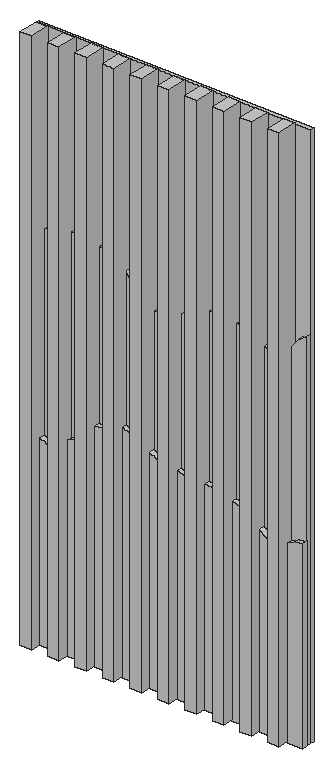
Revit family "MIRAGE_RFA", category Modelos genéricos, Revit 2022
Family settings
  Puede alojar armadura = No
  Cota de conector redondo = Diámetro de uso
  Tipo de pieza = Normal
  Se basa en plano de trabajo = No
  Siempre vertical = Sí
  Corte con vacíos al cargar = No
  Mantener orientación de anotación = No
  Compartido = No
  Punto de cálculo de habitación = No
Parameters
  Elevación por defecto = 0.00"
Reference planes (in)
  plane 1 "Centro (Frontal/Posterior)": y = 0
  plane 2: z = 0
  plane 3 "Centro (Izquierda/Derecha)": x = 0
Forms (in)
  Extrusion 1, solid, not visible
    sketch origin (0, 0, 0) x (1, 0, 0) y (0, 1, 0)
      loop
        line (0, 2.25) -> (0, 0) -> (108, 0) -> (108, 2.25) -> (0, 2.25)
    from 0 to 8
  Extrusion 2, solid, not visible
    sketch origin (0, 0, 0) x (1, 0, 0) y (0, 1, 0)
      loop
        line (0, 2.25) -> (0, 0) -> (108, 0) -> (108, 2.25) -> (0, 2.25)
    from 0 to 8
  Extrusion 3, solid, not visible
    sketch origin (0, 8, 0) x (1, 0, 0) y (0, 1, 0)
      loop
        line (0, 2.25) -> (0, 0) -> (108, 0) -> (108, 2.25) -> (0, 2.25)
    from 0 to 8
  Extrusion 4, solid, not visible
    sketch origin (0, 16, 0) x (1, 0, 0) y (0, 1, 0)
      loop
        line (0, 2.25) -> (0, 0) -> (108, 0) -> (108, 2.25) -> (0, 2.25)
    from 0 to 8
  Extrusion 5, solid, not visible
    sketch origin (0, 24, 0) x (1, 0, 0) y (0, 1, 0)
      loop
        line (0, 2.25) -> (0, 0) -> (108, 0) -> (108, 2.25) -> (0, 2.25)
    from 0 to 8
  Extrusion 6, solid, not visible
    sketch origin (0, 32, 0) x (1, 0, 0) y (0, 1, 0)
      loop
        line (0, 2.25) -> (0, 0) -> (108, 0) -> (108, 2.25) -> (0, 2.25)
    from 0 to 8
  Extrusion 7, solid, not visible
    sketch origin (0, 40, 0) x (1, 0, 0) y (0, 1, 0)
      loop
        line (0, 2.25) -> (0, 0) -> (108, 0) -> (108, 2.25) -> (0, 2.25)
    from 0 to 8
  Extrusion 8, solid, not visible
    sketch origin (0, 48, 0) x (1, 0, 0) y (0, 1, 0)
      loop
        line (0, 2.25) -> (0, 0) -> (108, 0) -> (108, 2.25) -> (0, 2.25)
    from 0 to 8
  Extrusion 9, solid, not visible
    sketch origin (0, 56, 0) x (1, 0, 0) y (0, 1, 0)
      loop
        line (0, 2.25) -> (0, 0) -> (108, 0) -> (108, 2.25) -> (0, 2.25)
    from 0 to 8
  Extrusion 10, solid, not visible
    sketch origin (0, 64, 0) x (1, 0, 0) y (0, 1, 0)
      loop
        line (0, 2.25) -> (0, 0) -> (108, 0) -> (108, 2.25) -> (0, 2.25)
    from 0 to 8
  Extrusion 11, solid, not visible
    sketch origin (0, 72, 0) x (1, 0, 0) y (0, 1, 0)
      loop
        line (0, 2.25) -> (0, 0) -> (108, 0) -> (108, 2.25) -> (0, 2.25)
    from 0 to 8
  Extrusion 12, solid, not visible
    sketch origin (0, 80, 0) x (1, 0, 0) y (0, 1, 0)
      loop
        line (0, 2.25) -> (0, 0) -> (108, 0) -> (108, 2.25) -> (0, 2.25)
    from 0 to 8
  Extrusion 13, solid, not visible
    sketch origin (0, 88, 0) x (1, 0, 0) y (0, 1, 0)
      loop
        line (0, 2.25) -> (0, 0) -> (108, 0) -> (108, 2.25) -> (0, 2.25)
    from 0 to 8
  Extrusion 14, solid, not visible
    sketch origin (0, 96, 0) x (1, 0, 0) y (0, 1, 0)
      loop
        line (0, 2.25) -> (0, 0) -> (108, 0) -> (108, 2.25) -> (0, 2.25)
    from 0 to 8
  Extrusion 15, solid, not visible
    sketch origin (0, 104, 0) x (1, 0, 0) y (0, 1, 0)
      loop
        line (0, 2.25) -> (0, 0) -> (108, 0) -> (108, 2.25) -> (0, 2.25)
    from 0 to 8
  Extrusion 16, solid, not visible
    sketch origin (0, 112, 0) x (1, 0, 0) y (0, 1, 0)
      loop
        line (0, 2.25) -> (0, 0) -> (108, 0) -> (108, 2.25) -> (0, 2.25)
    from 0 to 8
  Extrusion 17, solid, not visible
    sketch origin (0, 120, 0) x (1, 0, 0) y (0, 1, 0)
      loop
        line (0, 2.25) -> (0, 0) -> (108, 0) -> (108, 2.25) -> (0, 2.25)
    from 0 to 8
  Extrusion 18, solid, not visible
    sketch origin (0, 128, 0) x (1, 0, 0) y (0, 1, 0)
      loop
        line (0, 2.25) -> (0, 0) -> (108, 0) -> (108, 2.25) -> (0, 2.25)
    from 0 to 8
  Extrusion 19, solid, not visible
    sketch origin (0, 136, 0) x (1, 0, 0) y (0, 1, 0)
      loop
        line (0, 2.25) -> (0, 0) -> (108, 0) -> (108, 2.25) -> (0, 2.25)
    from 0 to 8
  Extrusion 20, solid, not visible
    sketch origin (0, 144, 0) x (1, 0, 0) y (0, 1, 0)
      loop
        line (0, 2.25) -> (0, 0) -> (108, 0) -> (108, 2.25) -> (0, 2.25)
    from 0 to 8
  Extrusion 21, solid, not visible
    sketch origin (0, 152, 0) x (1, 0, 0) y (0, 1, 0)
      loop
        line (0, 2.25) -> (0, 0) -> (108, 0) -> (108, 2.25) -> (0, 2.25)
    from 0 to 8
  Extrusion 22, solid, not visible
    sketch origin (109, 0, 0) x (1, 0, 0) y (0, 1, 0)
      loop
        line (0, 2.25) -> (0, 0) -> (108, 0) -> (108, 2.25) -> (0, 2.25)
    from 0 to 8
  Extrusion 23, solid, not visible
    sketch origin (109, 8, 0) x (1, 0, 0) y (0, 1, 0)
      loop
        line (0, 2.25) -> (0, 0) -> (108, 0) -> (108, 2.25) -> (0, 2.25)
    from 0 to 8
  Extrusion 24, solid, not visible
    sketch origin (109, 16, 0) x (1, 0, 0) y (0, 1, 0)
      loop
        line (0, 2.25) -> (0, 0) -> (108, 0) -> (108, 2.25) -> (0, 2.25)
    from 0 to 8
  Extrusion 25, solid, not visible
    sketch origin (109, 24, 0) x (1, 0, 0) y (0, 1, 0)
      loop
        line (0, 2.25) -> (0, 0) -> (108, 0) -> (108, 2.25) -> (0, 2.25)
    from 0 to 8
  Extrusion 26, solid, not visible
    sketch origin (109, 32, 0) x (1, 0, 0) y (0, 1, 0)
      loop
        line (0, 2.25) -> (0, 0) -> (108, 0) -> (108, 2.25) -> (0, 2.25)
    from 0 to 8
  Extrusion 27, solid, not visible
    sketch origin (109, 40, 0) x (1, 0, 0) y (0, 1, 0)
      loop
        line (0, 2.25) -> (0, 0) -> (108, 0) -> (108, 2.25) -> (0, 2.25)
    from 0 to 8
  Extrusion 28, solid, not visible
    sketch origin (109, 48, 0) x (1, 0, 0) y (0, 1, 0)
      loop
        line (0, 2.25) -> (0, 0) -> (108, 0) -> (108, 2.25) -> (0, 2.25)
    from 0 to 8
  Extrusion 29, solid, not visible
    sketch origin (109, 56, 0) x (1, 0, 0) y (0, 1, 0)
      loop
        line (0, 2.25) -> (0, 0) -> (108, 0) -> (108, 2.25) -> (0, 2.25)
    from 0 to 8
  Extrusion 30, solid, not visible
    sketch origin (109, 64, 0) x (1, 0, 0) y (0, 1, 0)
      loop
        line (0, 2.25) -> (0, 0) -> (108, 0) -> (108, 2.25) -> (0, 2.25)
    from 0 to 8
  Extrusion 31, solid, not visible
    sketch origin (109, 72, 0) x (1, 0, 0) y (0, 1, 0)
      loop
        line (0, 2.25) -> (0, 0) -> (108, 0) -> (108, 2.25) -> (0, 2.25)
    from 0 to 8
  Extrusion 32, solid, not visible
    sketch origin (109, 80, 0) x (1, 0, 0) y (0, 1, 0)
      loop
        line (0, 2.25) -> (0, 0) -> (108, 0) -> (108, 2.25) -> (0, 2.25)
    from 0 to 8
  Extrusion 33, solid, not visible
    sketch origin (109, 88, 0) x (1, 0, 0) y (0, 1, 0)
      loop
        line (0, 2.25) -> (0, 0) -> (108, 0) -> (108, 2.25) -> (0, 2.25)
    from 0 to 8
  Extrusion 34, solid, not visible
    sketch origin (109, 96, 0) x (1, 0, 0) y (0, 1, 0)
      loop
        line (0, 2.25) -> (0, 0) -> (108, 0) -> (108, 2.25) -> (0, 2.25)
    from 0 to 8
  Extrusion 35, solid, not visible
    sketch origin (109, 104, 0) x (1, 0, 0) y (0, 1, 0)
      loop
        line (0, 2.25) -> (0, 0) -> (108, 0) -> (108, 2.25) -> (0, 2.25)
    from 0 to 8
  Extrusion 36, solid, not visible
    sketch origin (109, 112, 0) x (1, 0, 0) y (0, 1, 0)
      loop
        line (0, 2.25) -> (0, 0) -> (108, 0) -> (108, 2.25) -> (0, 2.25)
    from 0 to 8
  Extrusion 37, solid, not visible
    sketch origin (109, 120, 0) x (1, 0, 0) y (0, 1, 0)
      loop
        line (0, 2.25) -> (0, 0) -> (108, 0) -> (108, 2.25) -> (0, 2.25)
    from 0 to 8
  Extrusion 38, solid, not visible
    sketch origin (109, 128, 0) x (1, 0, 0) y (0, 1, 0)
      loop
        line (0, 2.25) -> (0, 0) -> (108, 0) -> (108, 2.25) -> (0, 2.25)
    from 0 to 8
  Extrusion 39, solid, not visible
    sketch origin (109, 136, 0) x (1, 0, 0) y (0, 1, 0)
      loop
        line (0, 2.25) -> (0, 0) -> (108, 0) -> (108, 2.25) -> (0, 2.25)
    from 0 to 8
  Extrusion 40, solid, not visible
    sketch origin (109, 144, 0) x (1, 0, 0) y (0, 1, 0)
      loop
        line (0, 2.25) -> (0, 0) -> (108, 0) -> (108, 2.25) -> (0, 2.25)
    from 0 to 8
  Extrusion 41, solid, not visible
    sketch origin (109, 152, 0) x (1, 0, 0) y (0, 1, 0)
      loop
        line (0, 2.25) -> (0, 0) -> (108, 0) -> (108, 2.25) -> (0, 2.25)
    from 0 to 8
  Extrusion 42, solid, not visible
    sketch origin (-108, 0, 0) x (1, 0, 0) y (0, 1, 0)
      loop
        line (0, 2.25) -> (0, 0) -> (108, 0) -> (108, 2.25) -> (0, 2.25)
    from 0 to 8
  Extrusion 43, solid, not visible
    sketch origin (-108, 8, 0) x (1, 0, 0) y (0, 1, 0)
      loop
        line (0, 2.25) -> (0, 0) -> (108, 0) -> (108, 2.25) -> (0, 2.25)
    from 0 to 8
  Extrusion 44, solid, not visible
    sketch origin (-108, 16, 0) x (1, 0, 0) y (0, 1, 0)
      loop
        line (0, 2.25) -> (0, 0) -> (108, 0) -> (108, 2.25) -> (0, 2.25)
    from 0 to 8
  Extrusion 45, solid, not visible
    sketch origin (-108, 24, 0) x (1, 0, 0) y (0, 1, 0)
      loop
        line (0, 2.25) -> (0, 0) -> (108, 0) -> (108, 2.25) -> (0, 2.25)
    from 0 to 8
  Extrusion 46, solid, not visible
    sketch origin (-108, 32, 0) x (1, 0, 0) y (0, 1, 0)
      loop
        line (0, 2.25) -> (0, 0) -> (108, 0) -> (108, 2.25) -> (0, 2.25)
    from 0 to 8
  Extrusion 47, solid, not visible
    sketch origin (-108, 40, 0) x (1, 0, 0) y (0, 1, 0)
      loop
        line (0, 2.25) -> (0, 0) -> (108, 0) -> (108, 2.25) -> (0, 2.25)
    from 0 to 8
  Extrusion 48, solid, not visible
    sketch origin (1, 0, 0) x (1, 0, 0) y (0, 1, 0)
      loop
        line (0, 2.25) -> (0, 0) -> (108, 0) -> (108, 2.25) -> (0, 2.25)
    from 0 to 8
  Extrusion 49, solid, not visible
    sketch origin (1, 8, 0) x (1, 0, 0) y (0, 1, 0)
      loop
        line (0, 2.25) -> (0, 0) -> (108, 0) -> (108, 2.25) -> (0, 2.25)
    from 0 to 8
  Extrusion 50, solid, not visible
    sketch origin (1, 16, 0) x (1, 0, 0) y (0, 1, 0)
      loop
        line (0, 2.25) -> (0, 0) -> (108, 0) -> (108, 2.25) -> (0, 2.25)
    from 0 to 8
  Extrusion 51, solid, not visible
    sketch origin (1, 24, 0) x (1, 0, 0) y (0, 1, 0)
      loop
        line (0, 2.25) -> (0, 0) -> (108, 0) -> (108, 2.25) -> (0, 2.25)
    from 0 to 8
  Extrusion 52, solid, not visible
    sketch origin (1, 32, 0) x (1, 0, 0) y (0, 1, 0)
      loop
        line (0, 2.25) -> (0, 0) -> (108, 0) -> (108, 2.25) -> (0, 2.25)
    from 0 to 8
  Extrusion 53, solid, not visible
    sketch origin (1, 40, 0) x (1, 0, 0) y (0, 1, 0)
      loop
        line (0, 2.25) -> (0, 0) -> (108, 0) -> (108, 2.25) -> (0, 2.25)
    from 0 to 8
  Extrusion 54, solid, not visible
    sketch origin (-108, 48, 0) x (1, 0, 0) y (0, 1, 0)
      loop
        line (0, 2.25) -> (0, 0) -> (108, 0) -> (108, 2.25) -> (0, 2.25)
    from 0 to 8
  Extrusion 55, solid, not visible
    sketch origin (-108, 56, 0) x (1, 0, 0) y (0, 1, 0)
      loop
        line (0, 2.25) -> (0, 0) -> (108, 0) -> (108, 2.25) -> (0, 2.25)
    from 0 to 8
  Extrusion 56, solid, not visible
    sketch origin (-108, 64, 0) x (1, 0, 0) y (0, 1, 0)
      loop
        line (0, 2.25) -> (0, 0) -> (108, 0) -> (108, 2.25) -> (0, 2.25)
    from 0 to 8
  Extrusion 57, solid, not visible
    sketch origin (-108, 72, 0) x (1, 0, 0) y (0, 1, 0)
      loop
        line (0, 2.25) -> (0, 0) -> (108, 0) -> (108, 2.25) -> (0, 2.25)
    from 0 to 8
  Extrusion 58, solid, not visible
    sketch origin (-108, 80, 0) x (1, 0, 0) y (0, 1, 0)
      loop
        line (0, 2.25) -> (0, 0) -> (108, 0) -> (108, 2.25) -> (0, 2.25)
    from 0 to 8
  Extrusion 59, solid, not visible
    sketch origin (1, 48, 0) x (1, 0, 0) y (0, 1, 0)
      loop
        line (0, 2.25) -> (0, 0) -> (108, 0) -> (108, 2.25) -> (0, 2.25)
    from 0 to 8
  Extrusion 60, solid, not visible
    sketch origin (1, 56, 0) x (1, 0, 0) y (0, 1, 0)
      loop
        line (0, 2.25) -> (0, 0) -> (108, 0) -> (108, 2.25) -> (0, 2.25)
    from 0 to 8
  Extrusion 61, solid, not visible
    sketch origin (1, 64, 0) x (1, 0, 0) y (0, 1, 0)
      loop
        line (0, 2.25) -> (0, 0) -> (108, 0) -> (108, 2.25) -> (0, 2.25)
    from 0 to 8
  Extrusion 62, solid, not visible
    sketch origin (1, 72, 0) x (1, 0, 0) y (0, 1, 0)
      loop
        line (0, 2.25) -> (0, 0) -> (108, 0) -> (108, 2.25) -> (0, 2.25)
    from 0 to 8
  Extrusion 63, solid, not visible
    sketch origin (1, 80, 0) x (1, 0, 0) y (0, 1, 0)
      loop
        line (0, 2.25) -> (0, 0) -> (108, 0) -> (108, 2.25) -> (0, 2.25)
    from 0 to 8
  Extrusion 64, solid, not visible
    sketch origin (-108, 88, 0) x (1, 0, 0) y (0, 1, 0)
      loop
        line (0, 2.25) -> (0, 0) -> (108, 0) -> (108, 2.25) -> (0, 2.25)
    from 0 to 8
  Extrusion 65, solid, not visible
    sketch origin (-108, 96, 0) x (1, 0, 0) y (0, 1, 0)
      loop
        line (0, 2.25) -> (0, 0) -> (108, 0) -> (108, 2.25) -> (0, 2.25)
    from 0 to 8
  Extrusion 66, solid, not visible
    sketch origin (-108, 104, 0) x (1, 0, 0) y (0, 1, 0)
      loop
        line (0, 2.25) -> (0, 0) -> (108, 0) -> (108, 2.25) -> (0, 2.25)
    from 0 to 8
  Extrusion 67, solid, not visible
    sketch origin (-108, 112, 0) x (1, 0, 0) y (0, 1, 0)
      loop
        line (0, 2.25) -> (0, 0) -> (108, 0) -> (108, 2.25) -> (0, 2.25)
    from 0 to 8
  Extrusion 68, solid, not visible
    sketch origin (-108, 120, 0) x (1, 0, 0) y (0, 1, 0)
      loop
        line (0, 2.25) -> (0, 0) -> (108, 0) -> (108, 2.25) -> (0, 2.25)
    from 0 to 8
  Extrusion 69, solid, not visible
    sketch origin (1, 88, 0) x (1, 0, 0) y (0, 1, 0)
      loop
        line (0, 2.25) -> (0, 0) -> (108, 0) -> (108, 2.25) -> (0, 2.25)
    from 0 to 8
  Extrusion 70, solid, not visible
    sketch origin (1, 96, 0) x (1, 0, 0) y (0, 1, 0)
      loop
        line (0, 2.25) -> (0, 0) -> (108, 0) -> (108, 2.25) -> (0, 2.25)
    from 0 to 8
  Extrusion 71, solid, not visible
    sketch origin (1, 104, 0) x (1, 0, 0) y (0, 1, 0)
      loop
        line (0, 2.25) -> (0, 0) -> (108, 0) -> (108, 2.25) -> (0, 2.25)
    from 0 to 8
  Extrusion 72, solid, not visible
    sketch origin (1, 112, 0) x (1, 0, 0) y (0, 1, 0)
      loop
        line (0, 2.25) -> (0, 0) -> (108, 0) -> (108, 2.25) -> (0, 2.25)
    from 0 to 8
  Extrusion 73, solid, not visible
    sketch origin (1, 120, 0) x (1, 0, 0) y (0, 1, 0)
      loop
        line (0, 2.25) -> (0, 0) -> (108, 0) -> (108, 2.25) -> (0, 2.25)
    from 0 to 8
  Extrusion 74, solid, not visible
    sketch origin (-108, 128, 0) x (1, 0, 0) y (0, 1, 0)
      loop
        line (0, 2.25) -> (0, 0) -> (108, 0) -> (108, 2.25) -> (0, 2.25)
    from 0 to 8
  Extrusion 75, solid, not visible
    sketch origin (-108, 136, 0) x (1, 0, 0) y (0, 1, 0)
      loop
        line (0, 2.25) -> (0, 0) -> (108, 0) -> (108, 2.25) -> (0, 2.25)
    from 0 to 8
  Extrusion 76, solid, not visible
    sketch origin (-108, 144, 0) x (1, 0, 0) y (0, 1, 0)
      loop
        line (0, 2.25) -> (0, 0) -> (108, 0) -> (108, 2.25) -> (0, 2.25)
    from 0 to 8
  Extrusion 77, solid, not visible
    sketch origin (-108, 152, 0) x (1, 0, 0) y (0, 1, 0)
      loop
        line (0, 2.25) -> (0, 0) -> (108, 0) -> (108, 2.25) -> (0, 2.25)
    from 0 to 8
  Extrusion 78, solid, not visible
    sketch origin (-108, 160, 0) x (1, 0, 0) y (0, 1, 0)
      loop
        line (0, 2.25) -> (0, 0) -> (108, 0) -> (108, 2.25) -> (0, 2.25)
    from 0 to 8
  Extrusion 79, solid, not visible
    sketch origin (1, 128, 0) x (1, 0, 0) y (0, 1, 0)
      loop
        line (0, 2.25) -> (0, 0) -> (108, 0) -> (108, 2.25) -> (0, 2.25)
    from 0 to 8
  Extrusion 80, solid, not visible
    sketch origin (1, 136, 0) x (1, 0, 0) y (0, 1, 0)
      loop
        line (0, 2.25) -> (0, 0) -> (108, 0) -> (108, 2.25) -> (0, 2.25)
    from 0 to 8
  Extrusion 81, solid, not visible
    sketch origin (1, 144, 0) x (1, 0, 0) y (0, 1, 0)
      loop
        line (0, 2.25) -> (0, 0) -> (108, 0) -> (108, 2.25) -> (0, 2.25)
    from 0 to 8
  Extrusion 82, solid, not visible
    sketch origin (1, 152, 0) x (1, 0, 0) y (0, 1, 0)
      loop
        line (0, 2.25) -> (0, 0) -> (108, 0) -> (108, 2.25) -> (0, 2.25)
    from 0 to 8
  Extrusion 83, solid, not visible
    sketch origin (1, 160, 0) x (1, 0, 0) y (0, 1, 0)
      loop
        line (0, 2.25) -> (0, 0) -> (108, 0) -> (108, 2.25) -> (0, 2.25)
    from 0 to 8
  Extrusion 84, solid, not visible
    sketch origin (0, 0, 0) x (1, 0, 0) y (0, 1, 0)
      loop
        line (0, 3) -> (0, 0) -> (108, 0) -> (108, 3) -> (0, 3)
    from 0 to 8
  Extrusion 85, void, not visible
    sketch origin (0, 0, 0) x (1, 0, 0) y (0, 1, 0)
      loop
        line (6, 2) -> (6, 1) -> (66, 1) -> (66, 2) -> (6, 2)
    from 0 to 1.03
  Extrusion 86, solid, not visible
    sketch origin (0, 0, 0) x (1, 0, 0) y (0, 1, 0)
      loop
        line (0, 3) -> (0, 0) -> (108, 0) -> (108, 3) -> (0, 3)
    from 0 to 8
  Extrusion 87, void, not visible
    sketch origin (0, 0, 0) x (1, 0, 0) y (0, 1, 0)
      loop
        line (6, 2) -> (6, 1) -> (66, 1) -> (66, 2) -> (6, 2)
    from 0 to 1.03
  Extrusion 88, solid, not visible
    sketch origin (0, 0, 0) x (1, 0, 0) y (0, 1, 0)
      loop
        line (6, 2) -> (6, 1) -> (66, 1) -> (66, 2) -> (6, 2)
    from 0 to 1.03
  Extrusion 89, solid, not visible
    sketch origin (0, 32, 0) x (1, 0, 0) y (0, 1, 0)
      loop
        line (0, 3) -> (0, 0) -> (108, 0) -> (108, 3) -> (0, 3)
    from 0 to 8
  Extrusion 90, void, not visible
    sketch origin (0, 32, 0) x (1, 0, 0) y (0, 1, 0)
      loop
        line (6, 2) -> (6, 1) -> (102, 1) -> (102, 2) -> (6, 2)
    from 0 to 1.03
  Extrusion 91, solid, not visible
    sketch origin (8.95842, -18.67436, 0) x (1, 0, 0) y (0, 1, 0)
      loop
        line (-8.48642, 97.64679) -> (-8.48642, 97.17436) -> (98.56914, 97.17436) -> (98.56914, 97.64679) -> (-8.48642, 97.64679)
    from 0.59055 to 8
  Extrusion 92, solid, not visible
    sketch origin (8.95842, -16.6468, 0) x (1, 0, 0) y (0, 1, 0)
      loop
        line (-8.48642, 97.64679) -> (-8.48642, 97.17436) -> (98.56914, 97.17436) -> (98.56914, 97.64679) -> (-8.48642, 97.64679)
    from 0.59055 to 8
  Extrusion 93, solid, not visible
    sketch origin (60.46912, 110.28574, 0) x (1, 0, 0) y (0, 1, 0)
      loop
        line (45.03088, -29.28574) -> (-57.96911, -29.28574) -> (-57.96911, -31.78574) -> (45.03088, -31.78574) -> (45.03088, -29.28574)
      loop
        line (23.78088, -31.03574) -> (41.78088, -31.03574) -> (41.78088, -30.03574) -> (23.78088, -30.03574) -> (23.78088, -31.03574)
      loop
        line (-54.71912, -31.03574) -> (-36.71912, -31.03574) -> (-36.71912, -30.03574) -> (-54.71912, -30.03574) -> (-54.71912, -31.03574)
    from 0 to 0.59055
  Extrusion 94, solid, not visible
    sketch origin (108, 51.5, 0) x (0, 1, 0) y (-1, 0, 0)
      loop
        line (27.75, 102.25) -> (27.75, 84.25) -> (28.75, 84.25) -> (28.75, 102.25) -> (27.75, 102.25)
    from 0 to 1
  Extrusion 95, solid, not visible
    sketch origin (186.5, 51.5, 0) x (0, 1, 0) y (-1, 0, 0)
      loop
        line (27.75, 102.25) -> (27.75, 84.25) -> (28.75, 84.25) -> (28.75, 102.25) -> (27.75, 102.25)
    from 0 to 1
  Extrusion 96, solid, not visible
    sketch origin (8.95842, -44.42438, 0) x (1, 0, 0) y (0, 1, 0)
      loop
        line (-8.48642, 97.64679) -> (-8.48642, 97.17436) -> (98.56914, 97.17436) -> (98.56914, 97.64679) -> (-8.48642, 97.64679)
    from 0.59055 to 8
  Extrusion 97, solid, not visible
    sketch origin (8.95842, -42.39682, 0) x (1, 0, 0) y (0, 1, 0)
      loop
        line (-8.48642, 97.64679) -> (-8.48642, 97.17436) -> (98.56914, 97.17436) -> (98.56914, 97.64679) -> (-8.48642, 97.64679)
    from 0.59055 to 8
  Extrusion 98, solid, not visible
    sketch origin (60.46912, 84.53571, 0) x (1, 0, 0) y (0, 1, 0)
      loop
        line (45.03088, -29.28574) -> (-57.96911, -29.28574) -> (-57.96911, -31.78574) -> (45.03088, -31.78574) -> (45.03088, -29.28574)
      loop
        line (-28.96912, -31.03574) -> (-10.96912, -31.03574) -> (-10.96912, -30.03574) -> (-28.96912, -30.03574) -> (-28.96912, -31.03574)
      loop
        line (-3.21912, -31.03571) -> (14.78088, -31.03571) -> (14.78088, -30.03571) -> (-3.21912, -30.03571) -> (-3.21912, -31.03571)
    from 0 to 0.59055
  Extrusion 99, solid, not visible
    sketch origin (133.74998, 25.74998, 0) x (0, 1, 0) y (-1, 0, 0)
      loop
        line (27.75, 102.25) -> (27.75, 84.25) -> (28.75, 84.25) -> (28.75, 102.25) -> (27.75, 102.25)
    from 0 to 1
  Extrusion 100, solid, not visible
    sketch origin (159.49998, 25.74998, 0) x (0, 1, 0) y (-1, 0, 0)
      loop
        line (27.75, 102.25) -> (27.75, 84.25) -> (28.75, 84.25) -> (28.75, 102.25) -> (27.75, 102.25)
    from 0 to 1
  Extrusion 101, solid, not visible
    sketch origin (8.95842, -70.17436, 0) x (1, 0, 0) y (0, 1, 0)
      loop
        line (-8.48642, 97.64679) -> (-8.48642, 97.17436) -> (98.56914, 97.17436) -> (98.56914, 97.64679) -> (-8.48642, 97.64679)
    from 0.59055 to 8
  Extrusion 102, solid, not visible
    sketch origin (8.95842, -68.1468, 0) x (1, 0, 0) y (0, 1, 0)
      loop
        line (-8.48642, 97.64679) -> (-8.48642, 97.17436) -> (98.56914, 97.17436) -> (98.56914, 97.64679) -> (-8.48642, 97.64679)
    from 0.59055 to 8
  Extrusion 103, solid, not visible
    sketch origin (60.46912, 58.78574, 0) x (1, 0, 0) y (0, 1, 0)
      loop
        line (45.03088, -29.28574) -> (-57.96911, -29.28574) -> (-57.96911, -31.78574) -> (45.03088, -31.78574) -> (45.03088, -29.28574)
      loop
        line (23.78088, -31.03574) -> (41.78088, -31.03574) -> (41.78088, -30.03574) -> (23.78088, -30.03574) -> (23.78088, -31.03574)
      loop
        line (-54.71912, -31.03574) -> (-36.71912, -31.03574) -> (-36.71912, -30.03574) -> (-54.71912, -30.03574) -> (-54.71912, -31.03574)
    from 0 to 0.59055
  Extrusion 104, solid, not visible
    sketch origin (108, 0, 0) x (0, 1, 0) y (-1, 0, 0)
      loop
        line (27.75, 102.25) -> (27.75, 84.25) -> (28.75, 84.25) -> (28.75, 102.25) -> (27.75, 102.25)
    from 0 to 1
  Extrusion 105, solid, not visible
    sketch origin (186.5, 0, 0) x (0, 1, 0) y (-1, 0, 0)
      loop
        line (27.75, 102.25) -> (27.75, 84.25) -> (28.75, 84.25) -> (28.75, 102.25) -> (27.75, 102.25)
    from 0 to 1
  Extrusion 106, solid, not visible
    sketch origin (-70.17436, 99.04114, 0) x (0, -1, 0) y (1, 0, 0)
      loop
        line (-8.48642, 97.64679) -> (-8.48642, 97.17436) -> (98.56914, 97.17436) -> (98.56914, 97.64679) -> (-8.48642, 97.64679)
    from 0.59055 to 8
  Extrusion 107, solid, not visible
    sketch origin (-68.1468, 99.04114, 0) x (0, -1, 0) y (1, 0, 0)
      loop
        line (-8.48642, 97.64679) -> (-8.48642, 97.17436) -> (98.56914, 97.17436) -> (98.56914, 97.64679) -> (-8.48642, 97.64679)
    from 0.59055 to 8
  Extrusion 108, solid, not visible
    sketch origin (-2.28571, 86.21912, 0) x (0, 1, 0) y (-1, 0, 0)
      loop
        line (19.28088, -29.28574) -> (-83.71912, -29.28574) -> (-83.71912, -31.78574) -> (19.28088, -31.78574) -> (19.28088, -29.28574)
      loop
        line (16.03088, -31.03571) -> (16.03088, -30.03571) -> (-1.96912, -30.03571) -> (-1.96912, -31.03571) -> (16.03088, -31.03571)
      loop
        line (-62.46912, -31.03571) -> (-62.46912, -30.03571) -> (-80.46912, -30.03571) -> (-80.46912, -31.03571) -> (-62.46912, -31.03571)
    from 0 to 0.59055
  Extrusion 109, solid, not visible
    sketch origin (0, 0, 0) x (1, 0, 0) y (0, 1, 0)
      loop
        line (27.75, 102.25) -> (27.75, 84.25) -> (28.75, 84.25) -> (28.75, 102.25) -> (27.75, 102.25)
    from 0 to 1
  Extrusion 110, solid, not visible
    sketch origin (0, -78.5, 0) x (1, 0, 0) y (0, 1, 0)
      loop
        line (27.75, 102.25) -> (27.75, 84.25) -> (28.75, 84.25) -> (28.75, 102.25) -> (27.75, 102.25)
    from 0 to 1
  Extrusion 111, solid, not visible
    sketch origin (-44.89438, 99.04114, 0) x (0, -1, 0) y (1, 0, 0)
      loop
        line (-8.48642, 97.64679) -> (-8.48642, 97.17436) -> (98.56914, 97.17436) -> (98.56914, 97.64679) -> (-8.48642, 97.64679)
    from 0.59055 to 8
  Extrusion 112, solid, not visible
    sketch origin (-42.39682, 99.04114, 0) x (0, -1, 0) y (1, 0, 0)
      loop
        line (-8.48642, 97.64679) -> (-8.48642, 97.17436) -> (98.56914, 97.17436) -> (98.56914, 97.64679) -> (-8.48642, 97.64679)
    from 0.59055 to 8
  Extrusion 113, solid, not visible
    sketch origin (23.46427, 86.21912, 0) x (0, 1, 0) y (-1, 0, 0)
      loop
        line (19.28088, -28.81571) -> (-83.71912, -28.81571) -> (-83.71912, -31.78574) -> (19.28088, -31.78574) -> (19.28088, -28.81571)
      loop
        line (-28.96912, -29.78573) -> (-28.96912, -30.78571) -> (-10.96912, -30.78571) -> (-10.96912, -29.78573) -> (-28.96912, -29.78573)
      loop
        line (-54.71914, -29.78573) -> (-54.71914, -30.78573) -> (-36.71914, -30.78573) -> (-36.71914, -29.78573) -> (-54.71914, -29.78573)
    from 0 to 0.59055
  Extrusion 114, solid, not visible
    sketch origin (25.74998, -27, 0) x (1, 0, 0) y (0, 1, 0)
      loop
        line (27.50002, 102.25) -> (27.50002, 84.25) -> (28.5, 84.25) -> (28.5, 102.25) -> (27.50002, 102.25)
    from 0 to 1
  Extrusion 115, solid, not visible
    sketch origin (25.74998, -52.75002, 0) x (1, 0, 0) y (0, 1, 0)
      loop
        line (27.50002, 102.25) -> (27.50002, 84.25) -> (28.50002, 84.25) -> (28.50002, 102.25) -> (27.50002, 102.25)
    from 0 to 1
  Extrusion 116, solid, not visible
    sketch origin (-18.67436, 99.04114, 0) x (0, -1, 0) y (1, 0, 0)
      loop
        line (-8.48642, 97.64679) -> (-8.48642, 97.17436) -> (98.56914, 97.17436) -> (98.56914, 97.64679) -> (-8.48642, 97.64679)
    from 0.59055 to 8
  Extrusion 117, solid, not visible
    sketch origin (-16.6468, 99.04114, 0) x (0, -1, 0) y (1, 0, 0)
      loop
        line (-8.48642, 97.64679) -> (-8.48642, 97.17436) -> (98.56914, 97.17436) -> (98.56914, 97.64679) -> (-8.48642, 97.64679)
    from 0.59055 to 8
  Extrusion 118, solid, not visible
    sketch origin (49.21426, 86.21912, 0) x (0, 1, 0) y (-1, 0, 0)
      loop
        line (19.28088, -29.28574) -> (-83.71912, -29.28574) -> (-83.71912, -31.78574) -> (19.28088, -31.78574) -> (19.28088, -29.28574)
      loop
        line (16.03088, -31.03571) -> (16.03088, -30.03571) -> (-1.96912, -30.03571) -> (-1.96912, -31.03571) -> (16.03088, -31.03571)
      loop
        line (-62.46912, -31.03571) -> (-62.46912, -30.03571) -> (-80.46912, -30.03571) -> (-80.46912, -31.03571) -> (-62.46912, -31.03571)
    from 0 to 0.59055
  Extrusion 119, solid, not visible
    sketch origin (51.49997, 0, 0) x (1, 0, 0) y (0, 1, 0)
      loop
        line (27.75, 102.25) -> (27.75, 84.25) -> (28.75, 84.25) -> (28.75, 102.25) -> (27.75, 102.25)
    from 0 to 1
  Extrusion 120, solid, not visible
    sketch origin (51.49997, -78.5, 0) x (1, 0, 0) y (0, 1, 0)
      loop
        line (27.75, 102.25) -> (27.75, 84.25) -> (28.75, 84.25) -> (28.75, 102.25) -> (27.75, 102.25)
    from 0 to 1
  Extrusion 121, solid, not visible
    sketch origin (10.23509, 91.82771, 0) x (0, -1, 0) y (1, 0, 0)
      loop
        line (-16.17229, 97.76491) -> (-15.69986, 97.29248) -> (91.35527, 97.29248) -> (91.82771, 97.76491) -> (-16.17229, 97.76491)
    from 0.59055 to 8
  Extrusion 122, solid, not visible
    sketch origin (137.28574, 61.88413, 0) x (0, 1, 0) y (-1, 0, 0)
      loop
        line (46.11587, 29.28574) -> (43.61587, 31.78574) -> (-59.38412, 31.78574) -> (-61.88412, 29.28574) -> (46.11587, 29.28574)
    from 0 to 0.59055
  Extrusion 123, solid, not visible
    sketch origin (8.20754, 91.82771, 0) x (0, -1, 0) y (1, 0, 0)
      loop
        line (-14.14474, 97.76491) -> (-13.67231, 97.29248) -> (89.32772, 97.29248) -> (89.80016, 97.76491) -> (-14.14474, 97.76491)
    from 0.59055 to 8.22418
  Extrusion 124, solid, not visible
    sketch origin (18.95842, 10.23509, 0) x (1, 0, 0) y (0, 1, 0)
      loop
        line (-18.95842, 97.76491) -> (-18.48598, 97.29247) -> (88.56914, 97.29247) -> (89.04158, 97.76491) -> (-18.95842, 97.76491)
    from 0.59055 to 8
  Extrusion 125, solid, not visible
    sketch origin (61.88413, 137.28574, 0) x (1, 0, 0) y (0, 1, 0)
      loop
        line (46.11587, -29.28574) -> (-61.88412, -29.28574) -> (-59.38412, -31.78574) -> (43.61587, -31.78574) -> (46.11587, -29.28574)
    from 0 to 0.59055
  Extrusion 126, solid, not visible
    sketch origin (18.95842, 8.20753, 0) x (1, 0, 0) y (0, 1, 0)
      loop
        line (-16.93086, 97.76491) -> (-16.45842, 97.29247) -> (86.54158, 97.29247) -> (87.01402, 97.76491) -> (-16.93086, 97.76491)
    from 0.59055 to 8
  Extrusion 127, solid, not visible
    sketch origin (-101.24865, 87.31603, 0) x (0, -1, 0) y (1, 0, 0)
      loop
        line (-20.21152, 101.72109) -> (-20.68397, 101.24865) -> (87.31604, 101.24865) -> (86.84359, 101.72109) -> (-20.21152, 101.72109)
    from 0.47244 to 8
  Extrusion 128, solid, not visible
    sketch origin (-29.28573, 61.88413, 0) x (0, 1, 0) y (-1, 0, 0)
      loop
        line (46.11587, -29.28574) -> (-61.88412, -29.28574) -> (-59.38412, -31.78574) -> (43.61587, -31.78574) -> (46.11587, -29.28574)
    from 0 to 0.59055
  Extrusion 129, solid, not visible
    sketch origin (-99.22109, 87.31603, 0) x (0, -1, 0) y (1, 0, 0)
      loop
        line (-18.18396, 101.72109) -> (-18.65641, 101.24865) -> (85.28848, 101.24865) -> (84.81603, 101.72109) -> (-18.18396, 101.72109)
    from 0.47244 to 8
  Extrusion 130, solid, not visible
    sketch origin (61.88413, -29.28574, 0) x (1, 0, 0) y (0, 1, 0)
      loop
        line (46.11587, 29.28574) -> (43.61587, 31.78574) -> (-59.38412, 31.78574) -> (-61.88412, 29.28574) -> (46.11587, 29.28574)
    from 0 to 0.47244
  Extrusion 131, solid, not visible
    sketch origin (8.95842, -97.17435, 0) x (1, 0, 0) y (0, 1, 0)
      loop
        line (-8.48598, 97.64679) -> (-8.95842, 97.17436) -> (99.04157, 97.17436) -> (98.56914, 97.64679) -> (-8.48598, 97.64679)
    from 0.59055 to 8
  Extrusion 132, solid, not visible
    sketch origin (8.95842, -95.14679, 0) x (1, 0, 0) y (0, 1, 0)
      loop
        line (-6.45842, 97.64679) -> (-6.93085, 97.17436) -> (97.01401, 97.17436) -> (96.54158, 97.64679) -> (-6.45842, 97.64679)
    from 0.59055 to 8
  Extrusion 133, solid, not visible
    sketch origin (61.88413, -29.28574, 0) x (1, 0, 0) y (0, 1, 0)
      loop
        line (46.11587, 29.28574) -> (43.61587, 31.78574) -> (-59.38412, 31.78574) -> (-61.88412, 29.28574) -> (46.11587, 29.28574)
    from 0 to 0.47244
  Extrusion 134, solid, not visible
    sketch origin (18.95842, 10.23509, 0) x (1, 0, 0) y (0, 1, 0)
      loop
        line (-18.95842, 97.76491) -> (-18.48598, 97.29247) -> (88.56914, 97.29247) -> (89.04158, 97.76491) -> (-18.95842, 97.76491)
    from 0.59055 to 8
  Extrusion 135, solid, not visible
    sketch origin (8.95842, -97.17435, 0) x (1, 0, 0) y (0, 1, 0)
      loop
        line (-8.48598, 97.64679) -> (-8.95842, 97.17436) -> (99.04157, 97.17436) -> (98.56914, 97.64679) -> (-8.48598, 97.64679)
    from 0.59055 to 8
  Extrusion 136, solid, not visible
    sketch origin (10.23509, 91.82771, 0) x (0, -1, 0) y (1, 0, 0)
      loop
        line (-16.17229, 97.76491) -> (-15.69986, 97.29248) -> (91.35527, 97.29248) -> (91.82771, 97.76491) -> (-16.17229, 97.76491)
    from 0.59055 to 8
  Extrusion 137, solid, not visible
    sketch origin (-101.24865, 87.31603, 0) x (0, -1, 0) y (1, 0, 0)
      loop
        line (-20.21152, 101.72109) -> (-20.68397, 101.24865) -> (87.31604, 101.24865) -> (86.84359, 101.72109) -> (-20.21152, 101.72109)
    from 0.47244 to 8
  Extrusion 138, solid, not visible
    sketch origin (61.88413, 137.28574, 0) x (1, 0, 0) y (0, 1, 0)
      loop
        line (46.11587, -29.28574) -> (-61.88412, -29.28574) -> (-59.38412, -31.78574) -> (43.61587, -31.78574) -> (46.11587, -29.28574)
    from 0 to 0.59055
  Extrusion 139, solid, not visible
    sketch origin (-29.28573, 61.88413, 0) x (0, 1, 0) y (-1, 0, 0)
      loop
        line (46.11587, -29.28574) -> (-61.88412, -29.28574) -> (-59.38412, -31.78574) -> (43.61587, -31.78574) -> (46.11587, -29.28574)
    from 0 to 0.59055
  Extrusion 140, solid, not visible
    sketch origin (137.28574, 61.88413, 0) x (0, 1, 0) y (-1, 0, 0)
      loop
        line (46.11587, 29.28574) -> (43.61587, 31.78574) -> (-59.38412, 31.78574) -> (-61.88412, 29.28574) -> (46.11587, 29.28574)
    from 0 to 0.59055
  Extrusion 141, solid, not visible
    sketch origin (8.95842, -95.14679, 0) x (1, 0, 0) y (0, 1, 0)
      loop
        line (-6.45842, 97.64679) -> (-6.93085, 97.17436) -> (97.01401, 97.17436) -> (96.54158, 97.64679) -> (-6.45842, 97.64679)
    from 0.59055 to 8
  Extrusion 142, solid, not visible
    sketch origin (-99.22109, 87.31603, 0) x (0, -1, 0) y (1, 0, 0)
      loop
        line (-18.18396, 101.72109) -> (-18.65641, 101.24865) -> (85.28848, 101.24865) -> (84.81603, 101.72109) -> (-18.18396, 101.72109)
    from 0.47244 to 8
  Extrusion 143, solid, not visible
    sketch origin (18.95842, 8.20753, 0) x (1, 0, 0) y (0, 1, 0)
      loop
        line (-16.93086, 97.76491) -> (-16.45842, 97.29247) -> (86.54158, 97.29247) -> (87.01402, 97.76491) -> (-16.93086, 97.76491)
    from 0.59055 to 8
  Extrusion 144, solid, not visible
    sketch origin (8.20754, 91.82771, 0) x (0, -1, 0) y (1, 0, 0)
      loop
        line (-14.14474, 97.76491) -> (-13.67231, 97.29248) -> (89.32772, 97.29248) -> (89.80016, 97.76491) -> (-14.14474, 97.76491)
    from 0.59055 to 8.22418
  Extrusion 145, solid, not visible
    sketch origin (8.95842, -70.17436, 0) x (1, 0, 0) y (0, 1, 0)
      loop
        line (-8.48642, 97.64679) -> (-8.48642, 97.17436) -> (98.56914, 97.17436) -> (98.56914, 97.64679) -> (-8.48642, 97.64679)
    from 0.59055 to 8
  Extrusion 146, solid, not visible
    sketch origin (8.95842, -68.1468, 0) x (1, 0, 0) y (0, 1, 0)
      loop
        line (-8.48642, 97.64679) -> (-8.48642, 97.17436) -> (98.56914, 97.17436) -> (98.56914, 97.64679) -> (-8.48642, 97.64679)
    from 0.59055 to 8
  Extrusion 147, solid, not visible
    sketch origin (8.95842, -44.42438, 0) x (1, 0, 0) y (0, 1, 0)
      loop
        line (-8.48642, 97.64679) -> (-8.48642, 97.17436) -> (98.56914, 97.17436) -> (98.56914, 97.64679) -> (-8.48642, 97.64679)
    from 0.59055 to 8
  Extrusion 148, solid, not visible
    sketch origin (8.95842, -42.39682, 0) x (1, 0, 0) y (0, 1, 0)
      loop
        line (-8.48642, 97.64679) -> (-8.48642, 97.17436) -> (98.56914, 97.17436) -> (98.56914, 97.64679) -> (-8.48642, 97.64679)
    from 0.59055 to 8
  Extrusion 149, solid, not visible
    sketch origin (8.95842, -18.67436, 0) x (1, 0, 0) y (0, 1, 0)
      loop
        line (-8.48642, 97.64679) -> (-8.48642, 97.17436) -> (98.56914, 97.17436) -> (98.56914, 97.64679) -> (-8.48642, 97.64679)
    from 0.59055 to 8
  Extrusion 150, solid, not visible
    sketch origin (8.95842, -16.6468, 0) x (1, 0, 0) y (0, 1, 0)
      loop
        line (-8.48642, 97.64679) -> (-8.48642, 97.17436) -> (98.56914, 97.17436) -> (98.56914, 97.64679) -> (-8.48642, 97.64679)
    from 0.59055 to 8
  Extrusion 151, solid, not visible
    sketch origin (-70.17436, 99.04114, 0) x (0, -1, 0) y (1, 0, 0)
      loop
        line (-8.48642, 97.64679) -> (-8.48642, 97.17436) -> (98.56914, 97.17436) -> (98.56914, 97.64679) -> (-8.48642, 97.64679)
    from 0.59055 to 8
  Extrusion 152, solid, not visible
    sketch origin (-68.1468, 99.04114, 0) x (0, -1, 0) y (1, 0, 0)
      loop
        line (-8.48642, 97.64679) -> (-8.48642, 97.17436) -> (98.56914, 97.17436) -> (98.56914, 97.64679) -> (-8.48642, 97.64679)
    from 0.59055 to 8
  Extrusion 153, solid, not visible
    sketch origin (-44.89438, 99.04114, 0) x (0, -1, 0) y (1, 0, 0)
      loop
        line (-8.48642, 97.64679) -> (-8.48642, 97.17436) -> (98.56914, 97.17436) -> (98.56914, 97.64679) -> (-8.48642, 97.64679)
    from 0.59055 to 8
  Extrusion 154, solid, not visible
    sketch origin (-42.39682, 99.04114, 0) x (0, -1, 0) y (1, 0, 0)
      loop
        line (-8.48642, 97.64679) -> (-8.48642, 97.17436) -> (98.56914, 97.17436) -> (98.56914, 97.64679) -> (-8.48642, 97.64679)
    from 0.59055 to 8
  Extrusion 155, solid, not visible
    sketch origin (-18.67436, 99.04114, 0) x (0, -1, 0) y (1, 0, 0)
      loop
        line (-8.48642, 97.64679) -> (-8.48642, 97.17436) -> (98.56914, 97.17436) -> (98.56914, 97.64679) -> (-8.48642, 97.64679)
    from 0.59055 to 8
  Extrusion 156, solid, not visible
    sketch origin (-16.6468, 99.04114, 0) x (0, -1, 0) y (1, 0, 0)
      loop
        line (-8.48642, 97.64679) -> (-8.48642, 97.17436) -> (98.56914, 97.17436) -> (98.56914, 97.64679) -> (-8.48642, 97.64679)
    from 0.59055 to 8
  Extrusion 157, solid, not visible
    sketch origin (60.46912, 110.28574, 0) x (1, 0, 0) y (0, 1, 0)
      loop
        line (45.03088, -29.28574) -> (-57.96911, -29.28574) -> (-57.96911, -31.78574) -> (45.03088, -31.78574) -> (45.03088, -29.28574)
      loop
        line (23.78088, -31.03574) -> (41.78088, -31.03574) -> (41.78088, -30.03574) -> (23.78088, -30.03574) -> (23.78088, -31.03574)
      loop
        line (-54.71912, -31.03574) -> (-36.71912, -31.03574) -> (-36.71912, -30.03574) -> (-54.71912, -30.03574) -> (-54.71912, -31.03574)
    from 0 to 0.59055
  Extrusion 158, solid, not visible
    sketch origin (60.46912, 84.53571, 0) x (1, 0, 0) y (0, 1, 0)
      loop
        line (45.03088, -29.28574) -> (-57.96911, -29.28574) -> (-57.96911, -31.78574) -> (45.03088, -31.78574) -> (45.03088, -29.28574)
      loop
        line (-28.96912, -31.03574) -> (-10.96912, -31.03574) -> (-10.96912, -30.03574) -> (-28.96912, -30.03574) -> (-28.96912, -31.03574)
      loop
        line (-3.21912, -31.03571) -> (14.78088, -31.03571) -> (14.78088, -30.03571) -> (-3.21912, -30.03571) -> (-3.21912, -31.03571)
    from 0 to 0.59055
  Extrusion 159, solid, not visible
    sketch origin (60.46912, 58.78574, 0) x (1, 0, 0) y (0, 1, 0)
      loop
        line (45.03088, -29.28574) -> (-57.96911, -29.28574) -> (-57.96911, -31.78574) -> (45.03088, -31.78574) -> (45.03088, -29.28574)
      loop
        line (23.78088, -31.03574) -> (41.78088, -31.03574) -> (41.78088, -30.03574) -> (23.78088, -30.03574) -> (23.78088, -31.03574)
      loop
        line (-54.71912, -31.03574) -> (-36.71912, -31.03574) -> (-36.71912, -30.03574) -> (-54.71912, -30.03574) -> (-54.71912, -31.03574)
    from 0 to 0.59055
  Extrusion 160, solid, not visible
    sketch origin (23.46427, 86.21912, 0) x (0, 1, 0) y (-1, 0, 0)
      loop
        line (19.28088, -28.81571) -> (-83.71912, -28.81571) -> (-83.71912, -31.78574) -> (19.28088, -31.78574) -> (19.28088, -28.81571)
      loop
        line (-28.96912, -29.78573) -> (-28.96912, -30.78571) -> (-10.96912, -30.78571) -> (-10.96912, -29.78573) -> (-28.96912, -29.78573)
      loop
        line (-54.71914, -29.78573) -> (-54.71914, -30.78573) -> (-36.71914, -30.78573) -> (-36.71914, -29.78573) -> (-54.71914, -29.78573)
    from 0 to 0.59055
  Extrusion 161, solid, not visible
    sketch origin (-2.28571, 86.21912, 0) x (0, 1, 0) y (-1, 0, 0)
      loop
        line (19.28088, -29.28574) -> (-83.71912, -29.28574) -> (-83.71912, -31.78574) -> (19.28088, -31.78574) -> (19.28088, -29.28574)
      loop
        line (16.03088, -31.03571) -> (16.03088, -30.03571) -> (-1.96912, -30.03571) -> (-1.96912, -31.03571) -> (16.03088, -31.03571)
      loop
        line (-62.46912, -31.03571) -> (-62.46912, -30.03571) -> (-80.46912, -30.03571) -> (-80.46912, -31.03571) -> (-62.46912, -31.03571)
    from 0 to 0.59055
  Extrusion 162, solid, not visible
    sketch origin (49.21426, 86.21912, 0) x (0, 1, 0) y (-1, 0, 0)
      loop
        line (19.28088, -29.28574) -> (-83.71912, -29.28574) -> (-83.71912, -31.78574) -> (19.28088, -31.78574) -> (19.28088, -29.28574)
      loop
        line (16.03088, -31.03571) -> (16.03088, -30.03571) -> (-1.96912, -30.03571) -> (-1.96912, -31.03571) -> (16.03088, -31.03571)
      loop
        line (-62.46912, -31.03571) -> (-62.46912, -30.03571) -> (-80.46912, -30.03571) -> (-80.46912, -31.03571) -> (-62.46912, -31.03571)
    from 0 to 0.59055
  Extrusion 163, solid, not visible
    sketch origin (0, 0, 0) x (1, 0, 0) y (0, 1, 0)
      loop
        line (27.75, 102.25) -> (27.75, 84.25) -> (28.75, 84.25) -> (28.75, 102.25) -> (27.75, 102.25)
    from 0 to 1
  Extrusion 164, solid, not visible
    sketch origin (0, -78.5, 0) x (1, 0, 0) y (0, 1, 0)
      loop
        line (27.75, 102.25) -> (27.75, 84.25) -> (28.75, 84.25) -> (28.75, 102.25) -> (27.75, 102.25)
    from 0 to 1
  Extrusion 165, solid, not visible
    sketch origin (51.49997, 0, 0) x (1, 0, 0) y (0, 1, 0)
      loop
        line (27.75, 102.25) -> (27.75, 84.25) -> (28.75, 84.25) -> (28.75, 102.25) -> (27.75, 102.25)
    from 0 to 1
  Extrusion 166, solid, not visible
    sketch origin (51.49997, -78.5, 0) x (1, 0, 0) y (0, 1, 0)
      loop
        line (27.75, 102.25) -> (27.75, 84.25) -> (28.75, 84.25) -> (28.75, 102.25) -> (27.75, 102.25)
    from 0 to 1
  Extrusion 167, solid, not visible
    sketch origin (25.74998, -27, 0) x (1, 0, 0) y (0, 1, 0)
      loop
        line (27.50002, 102.25) -> (27.50002, 84.25) -> (28.5, 84.25) -> (28.5, 102.25) -> (27.50002, 102.25)
    from 0 to 1
  Extrusion 168, solid, not visible
    sketch origin (25.74998, -52.75002, 0) x (1, 0, 0) y (0, 1, 0)
      loop
        line (27.50002, 102.25) -> (27.50002, 84.25) -> (28.50002, 84.25) -> (28.50002, 102.25) -> (27.50002, 102.25)
    from 0 to 1
  Extrusion 169, solid, not visible
    sketch origin (108, 0, 0) x (0, 1, 0) y (-1, 0, 0)
      loop
        line (27.75, 102.25) -> (27.75, 84.25) -> (28.75, 84.25) -> (28.75, 102.25) -> (27.75, 102.25)
    from 0 to 1
  Extrusion 170, solid, not visible
    sketch origin (186.5, 0, 0) x (0, 1, 0) y (-1, 0, 0)
      loop
        line (27.75, 102.25) -> (27.75, 84.25) -> (28.75, 84.25) -> (28.75, 102.25) -> (27.75, 102.25)
    from 0 to 1
  Extrusion 171, solid, not visible
    sketch origin (108, 51.5, 0) x (0, 1, 0) y (-1, 0, 0)
      loop
        line (27.75, 102.25) -> (27.75, 84.25) -> (28.75, 84.25) -> (28.75, 102.25) -> (27.75, 102.25)
    from 0 to 1
  Extrusion 172, solid, not visible
    sketch origin (186.5, 51.5, 0) x (0, 1, 0) y (-1, 0, 0)
      loop
        line (27.75, 102.25) -> (27.75, 84.25) -> (28.75, 84.25) -> (28.75, 102.25) -> (27.75, 102.25)
    from 0 to 1
  Extrusion 173, solid, not visible
    sketch origin (133.74998, 25.74998, 0) x (0, 1, 0) y (-1, 0, 0)
      loop
        line (27.75, 102.25) -> (27.75, 84.25) -> (28.75, 84.25) -> (28.75, 102.25) -> (27.75, 102.25)
    from 0 to 1
  Extrusion 174, solid, not visible
    sketch origin (159.49998, 25.74998, 0) x (0, 1, 0) y (-1, 0, 0)
      loop
        line (27.75, 102.25) -> (27.75, 84.25) -> (28.75, 84.25) -> (28.75, 102.25) -> (27.75, 102.25)
    from 0 to 1
  Extrusion 175, solid, not visible
    sketch origin (0, 0, 0) x (1, 0, 0) y (0, 1, 0)
      loop
        line (24.34376, 0.56617) -> (24.34376, 24.31617) -> (0.59376, 24.31617) -> (0.59376, 0.56617) -> (24.34376, 0.56617)
    from 0.11811 to 0.59055
  Extrusion 176, solid, not visible
    sketch origin (0, 0, 0) x (1, 0, 0) y (0, 1, 0)
      loop
        line (24.34376, 0.56617) -> (24.34376, 24.31617) -> (0.59376, 24.31617) -> (0.59376, 0.56617) -> (24.34376, 0.56617)
    from 0 to 0.11811
  Extrusion 177, solid, not visible
    sketch origin (24, 0, 0) x (1, 0, 0) y (0, 1, 0)
      loop
        line (24.34376, 0.56617) -> (24.34376, 24.31617) -> (0.59376, 24.31617) -> (0.59376, 0.56617) -> (24.34376, 0.56617)
    from 0.11811 to 0.59055
  Extrusion 178, solid, not visible
    sketch origin (24, 0, 0) x (1, 0, 0) y (0, 1, 0)
      loop
        line (24.34376, 0.56617) -> (24.34376, 24.31617) -> (0.59376, 24.31617) -> (0.59376, 0.56617) -> (24.34376, 0.56617)
    from 0 to 0.11811
  Extrusion 179, solid, not visible
    sketch origin (48, 0, 0) x (1, 0, 0) y (0, 1, 0)
      loop
        line (24.34376, 0.56617) -> (24.34376, 24.31617) -> (0.59376, 24.31617) -> (0.59376, 0.56617) -> (24.34376, 0.56617)
    from 0.11811 to 0.59055
  Extrusion 180, solid, not visible
    sketch origin (48, 0, 0) x (1, 0, 0) y (0, 1, 0)
      loop
        line (24.34376, 0.56617) -> (24.34376, 24.31617) -> (0.59376, 24.31617) -> (0.59376, 0.56617) -> (24.34376, 0.56617)
    from 0 to 0.11811
  Extrusion 181, solid, not visible
    sketch origin (72, 0, 0) x (1, 0, 0) y (0, 1, 0)
      loop
        line (24.34376, 0.56617) -> (24.34376, 24.31617) -> (0.59376, 24.31617) -> (0.59376, 0.56617) -> (24.34376, 0.56617)
    from 0.11811 to 0.59055
  Extrusion 182, solid, not visible
    sketch origin (72, 0, 0) x (1, 0, 0) y (0, 1, 0)
      loop
        line (24.34376, 0.56617) -> (24.34376, 24.31617) -> (0.59376, 24.31617) -> (0.59376, 0.56617) -> (24.34376, 0.56617)
    from 0 to 0.11811
  Extrusion 183, solid, not visible
    sketch origin (0, 24, 0) x (1, 0, 0) y (0, 1, 0)
      loop
        line (24.34376, 0.56617) -> (24.34376, 24.31617) -> (0.59376, 24.31617) -> (0.59376, 0.56617) -> (24.34376, 0.56617)
    from 0.11811 to 0.59055
  Extrusion 184, solid, not visible
    sketch origin (0, 24, 0) x (1, 0, 0) y (0, 1, 0)
      loop
        line (24.34376, 0.56617) -> (24.34376, 24.31617) -> (0.59376, 24.31617) -> (0.59376, 0.56617) -> (24.34376, 0.56617)
    from 0 to 0.11811
  Extrusion 185, solid, not visible
    sketch origin (24, 24, 0) x (1, 0, 0) y (0, 1, 0)
      loop
        line (24.34376, 0.56617) -> (24.34376, 24.31617) -> (0.59376, 24.31617) -> (0.59376, 0.56617) -> (24.34376, 0.56617)
    from 0.11811 to 0.59055
  Extrusion 186, solid, not visible
    sketch origin (24, 24, 0) x (1, 0, 0) y (0, 1, 0)
      loop
        line (24.34376, 0.56617) -> (24.34376, 24.31617) -> (0.59376, 24.31617) -> (0.59376, 0.56617) -> (24.34376, 0.56617)
    from 0 to 0.11811
  Extrusion 187, solid, not visible
    sketch origin (48, 24, 0) x (1, 0, 0) y (0, 1, 0)
      loop
        line (24.34376, 0.56617) -> (24.34376, 24.31617) -> (0.59376, 24.31617) -> (0.59376, 0.56617) -> (24.34376, 0.56617)
    from 0.11811 to 0.59055
  Extrusion 188, solid, not visible
    sketch origin (48, 24, 0) x (1, 0, 0) y (0, 1, 0)
      loop
        line (24.34376, 0.56617) -> (24.34376, 24.31617) -> (0.59376, 24.31617) -> (0.59376, 0.56617) -> (24.34376, 0.56617)
    from 0 to 0.11811
  Extrusion 189, solid, not visible
    sketch origin (72, 24, 0) x (1, 0, 0) y (0, 1, 0)
      loop
        line (24.34376, 0.56617) -> (24.34376, 24.31617) -> (0.59376, 24.31617) -> (0.59376, 0.56617) -> (24.34376, 0.56617)
    from 0.11811 to 0.59055
  Extrusion 190, solid, not visible
    sketch origin (72, 24, 0) x (1, 0, 0) y (0, 1, 0)
      loop
        line (24.34376, 0.56617) -> (24.34376, 24.31617) -> (0.59376, 24.31617) -> (0.59376, 0.56617) -> (24.34376, 0.56617)
    from 0 to 0.11811
  Extrusion 191, solid, not visible
    sketch origin (0, 48, 0) x (1, 0, 0) y (0, 1, 0)
      loop
        line (24.34376, 0.56617) -> (24.34376, 24.31617) -> (0.59376, 24.31617) -> (0.59376, 0.56617) -> (24.34376, 0.56617)
    from 0.11811 to 0.59055
  Extrusion 192, solid, not visible
    sketch origin (0, 48, 0) x (1, 0, 0) y (0, 1, 0)
      loop
        line (24.34376, 0.56617) -> (24.34376, 24.31617) -> (0.59376, 24.31617) -> (0.59376, 0.56617) -> (24.34376, 0.56617)
    from 0 to 0.11811
  Extrusion 193, solid, not visible
    sketch origin (24, 48, 0) x (1, 0, 0) y (0, 1, 0)
      loop
        line (24.34376, 0.56617) -> (24.34376, 24.31617) -> (0.59376, 24.31617) -> (0.59376, 0.56617) -> (24.34376, 0.56617)
    from 0.11811 to 0.59055
  Extrusion 194, solid, not visible
    sketch origin (24, 48, 0) x (1, 0, 0) y (0, 1, 0)
      loop
        line (24.34376, 0.56617) -> (24.34376, 24.31617) -> (0.59376, 24.31617) -> (0.59376, 0.56617) -> (24.34376, 0.56617)
    from 0 to 0.11811
  Extrusion 195, solid, not visible
    sketch origin (48, 48, 0) x (1, 0, 0) y (0, 1, 0)
      loop
        line (24.34376, 0.56617) -> (24.34376, 24.31617) -> (0.59376, 24.31617) -> (0.59376, 0.56617) -> (24.34376, 0.56617)
    from 0.11811 to 0.59055
  Extrusion 196, solid, not visible
    sketch origin (48, 48, 0) x (1, 0, 0) y (0, 1, 0)
      loop
        line (24.34376, 0.56617) -> (24.34376, 24.31617) -> (0.59376, 24.31617) -> (0.59376, 0.56617) -> (24.34376, 0.56617)
    from 0 to 0.11811
  Extrusion 197, solid, not visible
    sketch origin (72, 48, 0) x (1, 0, 0) y (0, 1, 0)
      loop
        line (24.34376, 0.56617) -> (24.34376, 24.31617) -> (0.59376, 24.31617) -> (0.59376, 0.56617) -> (24.34376, 0.56617)
    from 0.11811 to 0.59055
  Extrusion 198, solid, not visible
    sketch origin (72, 48, 0) x (1, 0, 0) y (0, 1, 0)
      loop
        line (24.34376, 0.56617) -> (24.34376, 24.31617) -> (0.59376, 24.31617) -> (0.59376, 0.56617) -> (24.34376, 0.56617)
    from 0 to 0.11811
  Extrusion 199, solid, not visible
    sketch origin (0, 72, 0) x (1, 0, 0) y (0, 1, 0)
      loop
        line (24.34376, 0.56617) -> (24.34376, 24.31617) -> (0.59376, 24.31617) -> (0.59376, 0.56617) -> (24.34376, 0.56617)
    from 0.11811 to 0.59055
  Extrusion 200, solid, not visible
    sketch origin (0, 72, 0) x (1, 0, 0) y (0, 1, 0)
      loop
        line (24.34376, 0.56617) -> (24.34376, 24.31617) -> (0.59376, 24.31617) -> (0.59376, 0.56617) -> (24.34376, 0.56617)
    from 0 to 0.11811
  Extrusion 201, solid, not visible
    sketch origin (24, 72, 0) x (1, 0, 0) y (0, 1, 0)
      loop
        line (24.34376, 0.56617) -> (24.34376, 24.31617) -> (0.59376, 24.31617) -> (0.59376, 0.56617) -> (24.34376, 0.56617)
    from 0.11811 to 0.59055
  Extrusion 202, solid, not visible
    sketch origin (24, 72, 0) x (1, 0, 0) y (0, 1, 0)
      loop
        line (24.34376, 0.56617) -> (24.34376, 24.31617) -> (0.59376, 24.31617) -> (0.59376, 0.56617) -> (24.34376, 0.56617)
    from 0 to 0.11811
  Extrusion 203, solid, not visible
    sketch origin (48, 72, 0) x (1, 0, 0) y (0, 1, 0)
      loop
        line (24.34376, 0.56617) -> (24.34376, 24.31617) -> (0.59376, 24.31617) -> (0.59376, 0.56617) -> (24.34376, 0.56617)
    from 0.11811 to 0.59055
  Extrusion 204, solid, not visible
    sketch origin (48, 72, 0) x (1, 0, 0) y (0, 1, 0)
      loop
        line (24.34376, 0.56617) -> (24.34376, 24.31617) -> (0.59376, 24.31617) -> (0.59376, 0.56617) -> (24.34376, 0.56617)
    from 0 to 0.11811
  Extrusion 205, solid, not visible
    sketch origin (72, 72, 0) x (1, 0, 0) y (0, 1, 0)
      loop
        line (24.34376, 0.56617) -> (24.34376, 24.31617) -> (0.59376, 24.31617) -> (0.59376, 0.56617) -> (24.34376, 0.56617)
    from 0.11811 to 0.59055
  Extrusion 206, solid, not visible
    sketch origin (72, 72, 0) x (1, 0, 0) y (0, 1, 0)
      loop
        line (24.34376, 0.56617) -> (24.34376, 24.31617) -> (0.59376, 24.31617) -> (0.59376, 0.56617) -> (24.34376, 0.56617)
    from 0 to 0.11811
  Extrusion 207, solid, not visible
    sketch origin (0, 0, 0) x (0, 1, 0) y (0, 0, 1)
      loop
        line (0.42221, 1.66259) -> (0.42231, 0.67354)
        arc (0.42231, 0.67354) -> (0.41009, 0.64403) -> (0.38057, 0.6318) r 0.04174
        line (0.38057, 0.6318) -> (-0.00639, 0.6318) -> (-0.00639, 0.59057) -> (0.8874, 0.59057) -> (0.8874, 0.6318) -> (0.49998, 0.6318)
        arc (0.49998, 0.6318) -> (0.47046, 0.64403) -> (0.45824, 0.67354) r 0.04174
        line (0.45824, 0.67354) -> (0.45834, 1.66259)
        arc (0.45834, 1.66259) -> (0.46543, 1.67969) -> (0.48252, 1.68677) r 0.02418
        line (0.48252, 1.68677) -> (0.52252, 1.68677)
        arc (0.52252, 1.68677) -> (0.55303, 1.69941) -> (0.56566, 1.72991) r 0.04314
        line (0.56566, 1.72991) -> (0.56566, 2.14095)
        arc (0.56566, 2.14095) -> (0.5626, 2.15637) -> (0.55386, 2.16944) r 0.04029
        line (0.55386, 2.16944) -> (0.47053, 2.25277)
        arc (0.47053, 2.25277) -> (0.44027, 2.2653) -> (0.41002, 2.25277) r 0.04279
        line (0.41002, 2.25277) -> (0.32669, 2.16944)
        arc (0.32669, 2.16944) -> (0.31795, 2.15637) -> (0.31489, 2.14095) r 0.04029
        line (0.31489, 2.14095) -> (0.31489, 1.72991)
        arc (0.31489, 1.72991) -> (0.32752, 1.69941) -> (0.35803, 1.68677) r 0.04314
        line (0.35803, 1.68677) -> (0.39803, 1.68677)
        arc (0.39803, 1.68677) -> (0.41512, 1.67969) -> (0.42221, 1.66259) r 0.02418
      loop
        arc (0.33294, 1.7291) -> (0.34005, 1.71194) -> (0.35722, 1.70483) r 0.02428
        line (0.35722, 1.70483) -> (0.39815, 1.70483)
        arc (0.39815, 1.70483) -> (0.42797, 1.69248) -> (0.44023, 1.66266) r 0.04217
        arc (0.44023, 1.66266) -> (0.45258, 1.69248) -> (0.4824, 1.70483) r 0.04217
        line (0.4824, 1.70483) -> (0.52333, 1.70483)
        arc (0.52333, 1.70483) -> (0.54049, 1.71194) -> (0.54761, 1.7291) r 0.02428
        line (0.54761, 1.7291) -> (0.54761, 2.15016) -> (0.45704, 2.24072)
        arc (0.45704, 2.24072) -> (0.44027, 2.24767) -> (0.42351, 2.24072) r 0.02371
        line (0.42351, 2.24072) -> (0.33294, 2.15016) -> (0.33294, 1.7291)
    from 0 to 96.9361
  Extrusion 208, solid, not visible
    sketch origin (0, 24, 0) x (0, 1, 0) y (0, 0, 1)
      loop
        line (0.42221, 1.66259) -> (0.42231, 0.67354)
        arc (0.42231, 0.67354) -> (0.41009, 0.64403) -> (0.38057, 0.6318) r 0.04174
        line (0.38057, 0.6318) -> (-0.00639, 0.6318) -> (-0.00639, 0.59057) -> (0.8874, 0.59057) -> (0.8874, 0.6318) -> (0.49998, 0.6318)
        arc (0.49998, 0.6318) -> (0.47046, 0.64403) -> (0.45824, 0.67354) r 0.04174
        line (0.45824, 0.67354) -> (0.45834, 1.66259)
        arc (0.45834, 1.66259) -> (0.46543, 1.67969) -> (0.48252, 1.68677) r 0.02418
        line (0.48252, 1.68677) -> (0.52252, 1.68677)
        arc (0.52252, 1.68677) -> (0.55303, 1.69941) -> (0.56566, 1.72991) r 0.04314
        line (0.56566, 1.72991) -> (0.56566, 2.14095)
        arc (0.56566, 2.14095) -> (0.5626, 2.15637) -> (0.55386, 2.16944) r 0.04029
        line (0.55386, 2.16944) -> (0.47053, 2.25277)
        arc (0.47053, 2.25277) -> (0.44027, 2.2653) -> (0.41002, 2.25277) r 0.04279
        line (0.41002, 2.25277) -> (0.32669, 2.16944)
        arc (0.32669, 2.16944) -> (0.31795, 2.15637) -> (0.31489, 2.14095) r 0.04029
        line (0.31489, 2.14095) -> (0.31489, 1.72991)
        arc (0.31489, 1.72991) -> (0.32752, 1.69941) -> (0.35803, 1.68677) r 0.04314
        line (0.35803, 1.68677) -> (0.39803, 1.68677)
        arc (0.39803, 1.68677) -> (0.41512, 1.67969) -> (0.42221, 1.66259) r 0.02418
      loop
        arc (0.33294, 1.7291) -> (0.34005, 1.71194) -> (0.35722, 1.70483) r 0.02428
        line (0.35722, 1.70483) -> (0.39815, 1.70483)
        arc (0.39815, 1.70483) -> (0.42797, 1.69248) -> (0.44023, 1.66266) r 0.04217
        arc (0.44023, 1.66266) -> (0.45258, 1.69248) -> (0.4824, 1.70483) r 0.04217
        line (0.4824, 1.70483) -> (0.52333, 1.70483)
        arc (0.52333, 1.70483) -> (0.54049, 1.71194) -> (0.54761, 1.7291) r 0.02428
        line (0.54761, 1.7291) -> (0.54761, 2.15016) -> (0.45704, 2.24072)
        arc (0.45704, 2.24072) -> (0.44027, 2.24767) -> (0.42351, 2.24072) r 0.02371
        line (0.42351, 2.24072) -> (0.33294, 2.15016) -> (0.33294, 1.7291)
